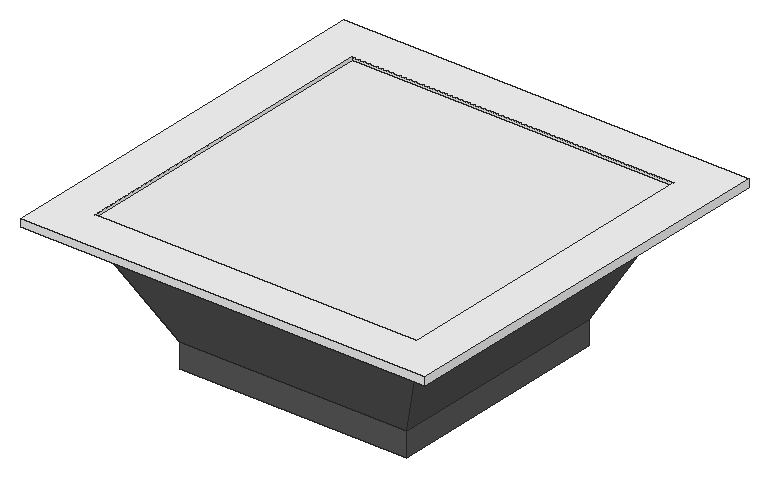
Revit family "3031703 Feilo Sylvania Lighting Fixture SYL-LIGHTER SQ 205 LED 15W NW DIM", category Lighting Fixtures, host Face, Revit 2017
Family settings
  Host = Face
  Round Connector Dimension = Use Diameter
  Part Type = Normal
  OmniClass Number = 23.80.70.00
  OmniClass Title = Lighting
  Cut with Voids When Loaded = No
  Light Source = Yes
  Shared = No
  Room Calculation Point = No
Parameters (values of type "3031703 SYL-LIGHTER SQ 205 LED 15W NW DIM")
  Width_FEILO = 205 mm
  WidthCutOut_FEILO = 185 mm
  Weight = "10.38 kg"
  Wattage Comments = ""
  Wattage = 15 W
  WarrantyStartDate [instance] = "n/a"
  WarrantyGuarantorParts = "n/a"
  WarrantyDurationUnit = "n/a"
  WarrantyDurationParts = "n/a"
  WarrantyDescription = "n/a"
  built-in parameter 1150110 = 1 (stored number, unit not read)
  Voltage = 230 V
  URL = "http://www.sylvania-lighting.com"
  TypeName = "SYL-LIGHTER SQ 205 LED 15W NW DIM"
  Type Image = <None>
  Type Comments = "n/a"
  built-in parameter 1114217 = 1 (stored number, unit not read)
  Tilt Angle = -90.00°
  built-in parameter 1150109 = 1 (stored number, unit not read)
  built-in parameter 1150134 = 12
  built-in parameter 1150113 = 1 (stored number, unit not read)
  SerialNumber [instance] = "n/a"
  Photometric Web File = "3031703.ies"
  Offset3_FEILO = Width_FEILO / 8.5  # 24.118 mm
  Offset2_FEILO = Width_FEILO / 28.3333  # 7.235 mm
  Offset1_FEILO = Width_FEILO / 56.6667  # 3.618 mm
  Material_3_FEILO = Diffuser-Sylvania-InsaverHoTopperSquare
  PowerFactor = 0
  PowerConsumption = "15 W"
  NominalLength = 205 mm
  NominalHeight = 68 mm
  NominalDepth = 205 mm
  Name = "SYL-LIGHTER SQ 205 LED 15W NW DIM"
  ModelReference = Name  # "SYL-LIGHTER SQ 205 LED 15W NW DIM"
  ModelNumber = "3031703"
  Model = Name  # "SYL-LIGHTER SQ 205 LED 15W NW DIM"
  Material = "polycarbonate diffuser"
  ManufacturerName = "Feilo Sylvania"
  Manufacturer = "Feilo Sylvania"
  LuminousEfficacy = "79 lm/W"
  built-in parameter 1150105 = 518.78 (stored number, unit not read)
  Lumens = 1185 lm
  LuminaireType = ""
  built-in parameter 1150115 = 1 (stored number, unit not read)
  LightOutputRatio = "n/a"
  built-in parameter 1150137 = (empty or 0)
  built-in parameter 1150139 = (empty or 0)
  LampsType = Lamp  # "LED"
  LampNominalLuminous = "1191 lm"
  LampMacAdamStep = "n/a"
  LampColourTemperature = "4000 K"
  LampColourRenderingIndex = "0"
  built-in parameter 1150112 = 1 (stored number, unit not read)
  built-in parameter 1150114 = 1 (stored number, unit not read)
  Lamp = "LED"
  Keynote = "16500"
  InstallationDate [instance] = "n/a"
  InputVoltage = "220-240V~"
  InputNominalFrequency = "n/a"
  built-in parameter 1150132 = (empty or 0)
  built-in parameter 1150102 = (empty or 0)
  built-in parameter 1150107 = 4000 (stored number, unit not read)
  built-in parameter 1150138 = (empty or 0)
  IngressProtection = "IP44"
  ImpactProtectionIndex = "IK02"
  built-in parameter 1150106 = 5.1878 (stored number, unit not read)
  IfcExportType = "IfcLightFixtureType"
  IfcExportAs = "IfcLightFixtureType"
  HieghtCutOut_FEILO = HeightRecessed_FEILO / 0.8  # 85 mm
  HieghtBezel_FEILO = 4 mm
  HeightRecessed_FEILO = 68 mm
  HeightMiddle_FEILO = HeightRecessed_FEILO / 8.5  # 8 mm
  HeightBlend_FEILO = HeightRecessed_FEILO / 1.4167  # 48 mm
  ExpectedLife = 50000
  Emit from Rectangle Width = WidthCutOut_FEILO - 2 * (Offset1_FEILO + Offset2_FEILO)  # 163.294 mm
  Emit from Rectangle Length = WidthCutOut_FEILO - 2 * (Offset1_FEILO + Offset2_FEILO)  # 163.294 mm
  Emit Shape Visible in Rendering = no
  ElectricShockClassification = "n/a"
  built-in parameter 1150104 = 7.3393 (stored number, unit not read)
  DurationUnit = "hours"
  DocumentationLiterature = "http://www.sylvania-lighting.com/product/en-int/products/3031703"
  DimmingControlOptions = "n/a"
  Material_2_FEILO = Body-Sylvania-InsaverHoTopperSquare-Black
  Dimming Lamp Color Temperature Shift = <None>
  Description = ""
  Default Elevation = 1219.2 mm
  CreatedOn = "2/20/2018"
  CreatedBy = ""
  Cost = 0
  Color Filter = 16777215
  built-in parameter 1114216 [instance] = (empty or 0)
  ClassificationValue = "EF_70_80"
  ClassificationName = "Uniclass2015"
  Material_1_FEILO = Bezel-Sylvania-InsaverHoTopperSquare-White
  BarCode [instance] = "n/a"
  built-in parameter 1114218 = 1 (stored number, unit not read)
  built-in parameter 1150133 = 10 (stored number, unit not read)
  AssetType = "Fixed"
  AssetIdentifier [instance] = "n/a"
  Assembly Code = "D5020200"
  Apparent Load = 15 VA
  Material_4_FEILO = none
Reference planes
  plane 1 "Center (Front/Back)": y = 0
  plane 2: z = 0
  plane 3 "Center (Left/Right)": x = 0
  plane 4: x = 92.5
  plane 5: x = -92.5
  plane 6: x = -102.5
  plane 7: x = 102.5
  plane 8: x = -88.882
  plane 9: x = 88.882
  plane 10: z = -85
  plane 11: z = 4
  plane 12: z = -8
  plane 13: z = -68
  plane 14: y = 102.5
  plane 15: y = -102.5
  plane 16: y = 92.5
  plane 17: y = -92.5
  plane 18: y = 88.882
  plane 19: y = -88.882
  plane 20: z = 2.5
  plane 21: x = -81.647
  plane 22: y = 81.647
  plane 23: x = 81.647
  plane 24: y = -81.647
  plane 25: x = -57.529
  plane 26: y = 57.529
  plane 27: x = 57.529
  plane 28: y = -57.529
  plane 29: z = -56
Forms (mm)
  Extrusion 1, void
    sketch origin (0, 0, 0) x (1, 0, 0) y (0, 1, 0)
      loop
        line (-92.5, 92.5) -> (-92.5, -92.5) -> (92.5, -92.5) -> (92.5, 92.5) -> (-92.5, 92.5)
    from 0 to -85
  Extrusion 2, solid, material "Bezel-Sylvania-InsaverHoTopperSquare-White" <- "Material_1_FEILO"
    sketch origin (0, 0, 0) x (1, 0, 0) y (0, 1, 0)
      loop
        line (-102.5, 102.5) -> (-102.5, -102.5) -> (102.5, -102.5) -> (102.5, 102.5) -> (-102.5, 102.5)
      loop
        line (-81.647, 81.647) -> (-81.647, -81.647) -> (81.647, -81.647) -> (81.647, 81.647) -> (-81.647, 81.647)
    from 0 to 4
  Extrusion 3, solid, material "Diffuser-Sylvania-InsaverHoTopperSquare" <- "Material_3_FEILO"
    sketch origin (0, 0, 0) x (1, 0, 0) y (0, 1, 0)
      loop
        line (-81.647, 81.647) -> (-81.647, -81.647) -> (81.647, -81.647) -> (81.647, 81.647) -> (-81.647, 81.647)
    from 0 to 2.5
  Extrusion 4, solid, material "Bezel-Sylvania-InsaverHoTopperSquare-White" <- "Material_1_FEILO"
    sketch origin (0, 0, 0) x (1, 0, 0) y (0, 1, 0)
      loop
        line (-88.882, 88.882) -> (-88.882, -88.882) -> (88.882, -88.882) -> (88.882, 88.882) -> (-88.882, 88.882)
    from 0 to -8
  Blend 5, solid, material "Body-Sylvania-InsaverHoTopperSquare-Black" <- "Material_2_FEILO"
    base sketch origin (1223.4, -4572, -8) x (0, -1, 0) y (1, 0, 0)
      loop
        line (-4653.647, -1305.047) -> (-4490.353, -1305.047) -> (-4490.353, -1141.753) -> (-4653.647, -1141.753) -> (-4653.647, -1305.047)
    top sketch origin (1223.4, -4572, -8) x (0, -1, 0) y (1, 0, 0)
      loop
        line (-4629.529, -1280.929) -> (-4514.471, -1280.929) -> (-4514.471, -1165.871) -> (-4629.529, -1165.871) -> (-4629.529, -1280.929)
    from 0 to -48
  Extrusion 6, solid, material "Body-Sylvania-InsaverHoTopperSquare-Black" <- "Material_2_FEILO"
    sketch origin (1223.4, -4572, -56) x (0, -1, 0) y (-1, 0, 0)
      loop
        line (-4629.529, 1280.929) -> (-4629.529, 1165.871) -> (-4514.471, 1165.871) -> (-4514.471, 1280.929) -> (-4629.529, 1280.929)
    from 12 to 0
Dimensions and locks
  "HieghtCutOut_FEILO": plane 2 to plane 10
  "HieghtBezel_FEILO": plane 11 to plane 2
  "HeightMiddle_FEILO": plane 2 to plane 12
  "HeightRecessed_FEILO": plane 2 to plane 13
  equal spacing: plane 19, plane 1 "Center (Front/Back)", plane 18
  equal spacing: plane 17, plane 1 "Center (Front/Back)", plane 16
  equal spacing: plane 15, plane 1 "Center (Front/Back)", plane 14
  "Width_FEILO": plane 15 to plane 14
  "WidthCutOut_FEILO": plane 17 to plane 16
  "Offset1_FEILO": plane 18 to plane 16
  equal spacing: plane 6, plane 3 "Center (Left/Right)", plane 7
  "Width_FEILO": plane 6 to plane 7
  equal spacing: plane 5, plane 3 "Center (Left/Right)", plane 4
  "WidthCutOut_FEILO": plane 5 to plane 4
  equal spacing: plane 8, plane 3 "Center (Left/Right)", plane 9
  "Offset1_FEILO": plane 5 to plane 8
  locked: plane 11 to plane 20 at 1.5
  equal spacing: plane 21, plane 3 "Center (Left/Right)", plane 23
  equal spacing: plane 24, plane 1 "Center (Front/Back)", plane 22
  "Offset2_FEILO": plane 22 to plane 18
  "Offset2_FEILO": plane 8 to plane 21
  equal spacing: plane 25, plane 3 "Center (Left/Right)", plane 27
  equal spacing: plane 28, plane 1 "Center (Front/Back)", plane 26
  "Offset3_FEILO": plane 26 to plane 22
  "Offset3_FEILO": plane 21 to plane 25
  "HeightBlend_FEILO": plane 12 to plane 29
  aligned and locked: plane 2 to host face
  aligned and locked: level to host face
  aligned and locked: plane 16 to Extrusion 1 sketch curve
  aligned and locked: plane 5 to Extrusion 1 sketch curve
  aligned and locked: Extrusion 1 sketch curve to plane 17
  aligned and locked: Extrusion 1 sketch curve to plane 4
  aligned and locked: level to Extrusion 1
  aligned and locked: plane 10 to Extrusion 1
  aligned and locked: plane 14 to Extrusion 2 sketch curve
  aligned and locked: plane 6 to Extrusion 2 sketch curve
  aligned and locked: Extrusion 2 sketch curve to plane 15
  aligned and locked: Extrusion 2 sketch curve to plane 7
  aligned and locked: plane 22 to Extrusion 2 sketch curve
  aligned and locked: plane 21 to Extrusion 2 sketch curve
  aligned and locked: Extrusion 2 sketch curve to plane 24
  aligned and locked: Extrusion 2 sketch curve to plane 23
  aligned and locked: Extrusion 2 to plane 11
  aligned and locked: Extrusion 2 to level
  aligned and locked: Extrusion 3 sketch curve to Extrusion 2  (x4)
  aligned and locked: Extrusion 3 to plane 20
  aligned and locked: Extrusion 3 to level
  aligned and locked: plane 18 to Extrusion 4 sketch curve
  aligned and locked: plane 8 to Extrusion 4 sketch curve
  aligned and locked: Extrusion 4 sketch curve to plane 19
  aligned and locked: Extrusion 4 sketch curve to plane 9
  aligned and locked: plane 12 to Extrusion 4
  aligned and locked: level to Extrusion 4
  aligned and locked: Blend 5 sketch curve to Extrusion 2  (x4)
  aligned and locked: Blend 5 sketch curve to plane 26
  aligned and locked: Blend 5 sketch curve to plane 25
  aligned and locked: plane 28 to Blend 5 sketch curve
  aligned and locked: plane 27 to Blend 5 sketch curve
  aligned and locked: plane 12 to Blend 5
  aligned and locked: plane 29 to Blend 5
  aligned and locked: Extrusion 6 sketch curve to Blend 5  (x4)
  aligned and locked: plane 13 to Extrusion 6
  aligned and locked: Extrusion 6 to plane 29
  aligned and locked: plane 3 "Center (Left/Right)" to imposter light
  aligned and locked: imposter light to plane 1 "Center (Front/Back)"
  aligned and locked: imposter light to plane 20
Automatic sketch dimensions
  host sketch curve to host sketch curve = 2438.4 mm  (x2)
Connectors
  electrical at (0, 0, 0), driven by "Apparent Load", driven by "PowerFactor", driven by "Voltage"
    settings: index 1, voltage 230 V, apparent load 15 VA, apparent load phase1 0 VA, apparent load phase2 0 VA, apparent load phase3 0 VA, power factor 0, load classification "Lighting", number of poles 1, system type 30, power factor state 1, is connector primary yes, connector utility no, sub classification motor no, connector description ""
